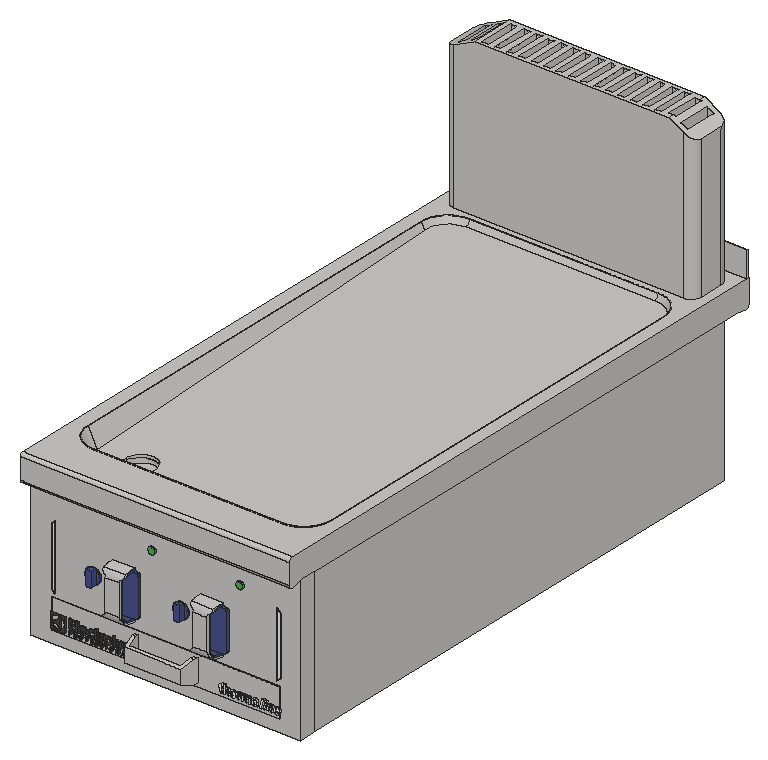
Revit family "QF_ELECTROLUXPROFESSIONAL_588532_MBHMBBDOPO", category Attrezzature speciali, Revit 2020
Family settings
  Quota connettore circolare = Usa diametro
  Tipo di parte = Normale
  Basato su piano di lavoro = No
  Sempre verticale = Sì
  Taglio con vuoti quando caricato = No
  Condiviso = No
  Punto di calcolo locali = No
Parameters (values of type "Standard")
  Weight = 69.00 kg
  Watts = 0 W
  Volts = 0 V
  URL Manufacturer = "https://www.electroluxprofessional.com/"
  URL = "https://www.electroluxprofessional.com/"
  Steam Supply Size = 0"
  Steam Supply Minimum Pressure = 0.00 psi
  Steam Supply Maximum Pressure = 0.00 psi
  Steam Consumption per Hour = 0
  Refrigeration Suction Line Size = 0 mm
  Refrigeration Liquid Line Size = 0 mm
  Refrigerant Compressor Remote = yes
  Prospetto di default = 0 mm
  Phase = 0
  Modello = "MBHMBBDOPO"
  Produttore = "Electrolux Professional"
  Length Actual = 400 mm  # constant formula
  Item Number = "588532"
  Hot Water Size = 0"
  Height Actual = 250 mm  # constant formula
  HP = "0 HP"
  Gas Size = 1/2"
  Gas KW = 10
  Gas Input Pressure = 0.336018 Btu/h
  Direct Waste Size = 0"
  Descrizione = "GAS FRYTOP,SMOOTH,1-S,BSPL,400X850X250H"
  Depth Actual = 850 mm  # constant formula
  Cycle = 0 Hz
  Condensate Return Size = 0"
  Compressed Air Volume = 0 GPM
  Compressed Air Size = 0"
  Compressed Air Pressure = 0.00 psi
  Cold Water Size = 0"
  Accessory = yes
Reference planes
  plane 1 "BACK": y = 0
  plane 2: z = 0
  plane 3 "LEFT": x = 0
  plane 4 "RIGHT": x = 400
  plane 5 "FRONT": y = -850
  plane 6 "TOP": z = 900
  plane 7 "Center (Left/Right)": x = 200
  plane 8: y = -425
  plane 9: y = -150
  plane 10: y = -65
  plane 11: y = -790
  plane 12 "GASy": y = -540
  plane 13: z = 938
  plane 14 "BaseTop": z = 650
  plane 15: y = -805
  plane 16 "Camino": y = -50
  plane 17 "GASx": x = 364
  plane 18: z = 1131
Forms (mm)
  Extrusion 1, solid, material "QF_Finishes_Stainless Steel"
    sketch origin (-178.969, -4572, 100) x (-1, 0, 0) y (0, -1, 0)
      loop
        line (-178.969, -4527) -> (-178.969, -3767) -> (-578.969, -3767) -> (-578.969, -4527) -> (-178.969, -4527)
    from 550 to 762.969
  Extrusion 2, solid, material "QF_Finishes_Stainless Steel"
    sketch origin (200, 296.4, 1219.2) x (0, 1, 0) y (0, 0, 1)
      loop
        line (-296.4, -319.2) -> (-1141.4, -319.2)
        arc (-1141.4, -319.2) -> (-1144.935, -320.664) -> (-1146.4, -324.2) r 5
        line (-1146.4, -324.2) -> (-1146.4, -355.2)
        arc (-1146.4, -355.2) -> (-1144.971, -358.264) -> (-1141.705, -359.139) r 4
        line (-1141.705, -359.139) -> (-1126.4, -356.231) -> (-316.4, -356.231) -> (-301.094, -359.139)
        arc (-301.094, -359.139) -> (-297.829, -358.264) -> (-296.4, -355.2) r 4
        line (-296.4, -355.2) -> (-296.4, -319.2)
    from -200 to 200
  Extrusion 3, void
    sketch origin (0, 0, 900) x (-1, 0, 0) y (0, -1, 0)
      loop
        arc (-60, 92) -> (-31.716, 103.716) -> (-20, 132) r 40
        line (-20, 132) -> (-20, 750)
        arc (-20, 750) -> (-31.716, 778.284) -> (-60, 790) r 40
        line (-60, 790) -> (-340, 790)
        arc (-340, 790) -> (-368.284, 778.284) -> (-380, 750) r 40
        line (-380, 750) -> (-380, 132)
        arc (-380, 132) -> (-368.284, 103.716) -> (-340, 92) r 40
        line (-340, 92) -> (-60, 92)
    from 0 to -30
  Extrusion 4, solid, material "QF_Finishes_Stainless Steel"
    sketch origin (200, 296.4, 1219.2) x (0, 1, 0) y (0, 0, 1)
      loop
        line (-296.4, -319.2) -> (-296.4, -281.2) -> (-298.4, -281.2) -> (-298.4, -319.2) -> (-296.4, -319.2)
    from 200 to -200
  Extrusion 5, solid, material "QF_Finishes_Stainless Steel"
    sketch origin (0, 0, 650) x (-1, 0, 0) y (0, -1, 0)
      loop
        circle (-364, 540) r 10.1
    from 0 to -10
  Sweep 6, solid, material "QF_Finishes_Stainless Steel"
    path origin (0, 0, 900) x (-1, 0, 0) y (0, -1, 0)
      loop
        line (-20, 132) -> (-20, 750)
        arc (-20, 750) -> (-31.716, 778.284) -> (-60, 790) r 40
        line (-60, 790) -> (-340, 790)
        arc (-340, 790) -> (-368.284, 778.284) -> (-380, 750) r 40
        line (-380, 750) -> (-380, 132)
        arc (-380, 132) -> (-368.284, 103.716) -> (-340, 92) r 40
        line (-340, 92) -> (-60, 92)
        arc (-60, 92) -> (-31.716, 103.716) -> (-20, 132) r 40
    profile origin (20, -441, 900) x (1, 0, 0) y (0, 0, 1)
      loop
        line (0, 0) -> (0, -30) -> (15, -30) -> (0, 0)
  Extrusion 7, solid, material "QF_Finishes_Stainless Steel"
    sketch origin (0, -50, 900) x (1, 0, 0) y (0, 0, 1)
      loop
        line (15, 0) -> (385, 0) -> (385, 209.869) -> (348.685, 231) -> (60.315, 231) -> (15, 209.869) -> (15, 0)
    from 33 to -33
  Extrusion 8, void
    sketch origin (0, 0, 900) x (-1, 0, 0) y (0, -1, 0)
      loop
        line (-30.312, 74) -> (-40.312, 74) -> (-40.312, 26) -> (-30.312, 26) -> (-30.312, 74)
      loop
        line (-48.547, 74) -> (-58.547, 74) -> (-58.547, 26) -> (-48.547, 26) -> (-48.547, 74)
      loop
        line (-76.781, 77) -> (-76.781, 23) -> (-66.781, 23) -> (-66.781, 77) -> (-76.781, 77)
      loop
        line (-95.015, 77) -> (-95.015, 23) -> (-85.015, 23) -> (-85.015, 77) -> (-95.015, 77)
      loop
        line (-113.25, 77) -> (-113.25, 23) -> (-103.25, 23) -> (-103.25, 77) -> (-113.25, 77)
      loop
        line (-131.484, 77) -> (-131.484, 23) -> (-121.484, 23) -> (-121.484, 77) -> (-131.484, 77)
      loop
        line (-149.719, 77) -> (-149.719, 23) -> (-139.719, 23) -> (-139.719, 77) -> (-149.719, 77)
      loop
        line (-167.953, 77) -> (-167.953, 23) -> (-157.953, 23) -> (-157.953, 77) -> (-167.953, 77)
      loop
        line (-186.187, 77) -> (-186.187, 23) -> (-176.187, 23) -> (-176.187, 77) -> (-186.187, 77)
      loop
        line (-205, 77) -> (-205, 23) -> (-195, 23) -> (-195, 77) -> (-205, 77)
      loop
        arc (-15, 32) -> (-19.393, 21.393) -> (-30, 17) r 15
        line (-30, 17) -> (-15, 17) -> (-15, 32)
      loop
        arc (-30, 83) -> (-19.393, 78.607) -> (-15, 68) r 15
        line (-15, 68) -> (-15, 83) -> (-30, 83)
      loop
        line (-369.688, 74) -> (-369.688, 26) -> (-359.688, 26) -> (-359.688, 74) -> (-369.688, 74)
      loop
        line (-351.453, 74) -> (-351.453, 26) -> (-341.453, 26) -> (-341.453, 74) -> (-351.453, 74)
      loop
        line (-323.219, 77) -> (-333.219, 77) -> (-333.219, 23) -> (-323.219, 23) -> (-323.219, 77)
      loop
        line (-304.985, 77) -> (-314.985, 77) -> (-314.985, 23) -> (-304.985, 23) -> (-304.985, 77)
      loop
        line (-286.75, 77) -> (-296.75, 77) -> (-296.75, 23) -> (-286.75, 23) -> (-286.75, 77)
      loop
        line (-268.516, 77) -> (-278.516, 77) -> (-278.516, 23) -> (-268.516, 23) -> (-268.516, 77)
      loop
        line (-250.281, 77) -> (-260.281, 77) -> (-260.281, 23) -> (-250.281, 23) -> (-250.281, 77)
      loop
        line (-232.047, 77) -> (-242.047, 77) -> (-242.047, 23) -> (-232.047, 23) -> (-232.047, 77)
      loop
        line (-213.813, 77) -> (-223.813, 77) -> (-223.813, 23) -> (-213.813, 23) -> (-213.813, 77)
      loop
        line (-385, 32) -> (-385, 17) -> (-370, 17)
        arc (-370, 17) -> (-380.607, 21.393) -> (-385, 32) r 15
      loop
        line (-370, 83) -> (-385, 83) -> (-385, 68)
        arc (-385, 68) -> (-380.607, 78.607) -> (-370, 83) r 15
    from 0 to 250
  Extrusion 9, solid, material "QF_Finishes_Stainless Steel"
    sketch origin (200, 296.4, 1219.2) x (0, 1, 0) y (0, 0, 1)
      loop
        line (-388.4, -349.2) -> (-388.4, -328.08) -> (-1086.4, -347.499) -> (-1086.4, -349.2) -> (-388.4, -349.2)
    from 180 to -180
  Extrusion 10, void
    sketch origin (0, 0, 900) x (-1, 0, 0) y (0, -1, 0)
      loop
        circle (-95, 746) r 22.248
    from -19.96 to -30
  Extrusion 11, void
    sketch origin (0, 0, 900) x (-1, 0, 0) y (0, -1, 0)
      loop
        circle (-95, 746) r 22.248
    from 0 to -37.031
Cuts and joins
  Extrusion 3, Extrusion 8, Extrusion 11 cuts Extrusion 2
  Extrusion 8 cuts Extrusion 7
  Extrusion 10 cuts Extrusion 9
  joined: Sweep 6, Extrusion 9
Lines and regions (mm)
  symbolic lines
    curve 1: line (0, 0, 100) -> (400, 0, 100)
    curve 2: line (0, -850, 100) -> (0, 0, 100)
    curve 3: line (400, -850, 100) -> (0, -850, 100)
    curve 4: line (400, 0, 100) -> (400, -850, 100)
    curve 5: line (0, -2, 0) -> (400, -2, 0)
    curve 6: line (338.029, -92, 0) -> (60.29, -92, 0)
    curve 7: line (60.29, -790, 0) -> (338.029, -790, 0)
    curve 8: line (60, -107, 900) -> (340, -107, 900)
    curve 9: line (340, -775, 900) -> (60, -775, 900)
    curve 10: arc (365, -750, 900) -> (357.678, -767.678, 900) -> (340, -775, 900) r 25
    curve 11: line (365, -132, 900) -> (365, -750, 900)
    curve 12: arc (340, -107, 900) -> (357.678, -114.322, 900) -> (365, -132, 900) r 25
    curve 13: circle (95, -746, 900) r 22.248 normal (0, 0, 1)
    curve 14: arc (85.5, -112.483, 900) -> (57.314, -124.096, 900) -> (45.5, -152.198, 900) r 39.994
    curve 15: line (85.5, -112.482, 900) -> (314.5, -112.482, 900)
    curve 16: line (45.5, -667.082, 900) -> (45.5, -152.198, 900)
    curve 17: arc (45.5, -667.082, 900) -> (57.314, -695.184, 900) -> (85.5, -706.797, 900) r 39.994
    curve 18: line (313.507, -706.798, 900) -> (85.5, -706.798, 900)
    curve 19: line (35.29, -708.526, 900) -> (365, -708.526, 900)
    curve 20: line (35.29, -718.526, 900) -> (365, -718.526, 900)
    curve 21: arc (60, -92, 900) -> (31.716, -103.716, 900) -> (20, -132, 900) r 40
    curve 22: line (20, -132, 900) -> (20, -750, 900)
    curve 23: arc (20, -750, 900) -> (31.716, -778.284, 900) -> (60, -790, 900) r 40
    curve 24: arc (340, -790, 900) -> (368.284, -778.284, 900) -> (380, -750, 900) r 40
    curve 25: line (380, -750, 900) -> (380, -132, 900)
    curve 26: arc (380, -132, 900) -> (368.284, -103.716, 900) -> (340, -92, 900) r 40
    curve 27: arc (313.5, -112.483, 900) -> (341.686, -124.096, 900) -> (353.5, -152.198, 900) r 39.994
    curve 28: line (353.5, -667.082, 900) -> (353.5, -152.198, 900)
    curve 29: arc (353.5, -667.082, 900) -> (341.688, -695.181, 900) -> (313.507, -706.797, 900) r 39.994
    curve 30: arc (60, -775, 900) -> (42.322, -767.678, 900) -> (35, -750, 900) r 25
    curve 31: line (35, -750, 900) -> (35, -132, 900)
    curve 32: arc (35, -132, 900) -> (42.322, -114.322, 900) -> (60, -107, 900) r 25
    curve 33: line (370, -17, 650) -> (30.102, -17, 650)
    curve 34: line (30.312, -74.008, 650) -> (40.312, -74.008, 650)
    curve 35: line (48.547, -74.008, 650) -> (58.547, -74.008, 650)
    curve 36: line (48.547, -26.022, 650) -> (48.547, -74.008, 650)
    curve 37: line (58.547, -26.022, 650) -> (48.547, -26.022, 650)
    curve 38: line (58.547, -74.008, 650) -> (58.547, -26.022, 650)
    curve 39: line (66.781, -23, 650) -> (66.781, -77.008, 650)
    curve 40: line (66.781, -23, 650) -> (76.781, -23, 650)
    curve 41: line (76.781, -23, 650) -> (76.781, -77.008, 650)
    curve 42: line (76.781, -77.008, 650) -> (66.781, -77.008, 650)
    curve 43: line (85.015, -23, 650) -> (85.015, -77.008, 650)
    curve 44: line (85.015, -23, 650) -> (95.015, -23, 650)
    curve 45: line (95.015, -23, 650) -> (95.015, -77.008, 650)
    curve 46: line (95.015, -77.008, 650) -> (85.015, -77.008, 650)
    curve 47: line (103.25, -23, 650) -> (103.25, -77.008, 650)
    curve 48: line (103.25, -23, 650) -> (113.25, -23, 650)
    curve 49: line (113.25, -23, 650) -> (113.25, -77.008, 650)
    curve 50: line (113.25, -77.008, 650) -> (103.25, -77.008, 650)
    curve 51: line (121.484, -23, 650) -> (121.484, -77.008, 650)
    curve 52: line (121.484, -23, 650) -> (131.484, -23, 650)
    curve 53: line (131.484, -23, 650) -> (131.484, -77.008, 650)
    curve 54: line (131.484, -77.008, 650) -> (121.484, -77.008, 650)
    curve 55: line (139.719, -23, 650) -> (139.719, -77.008, 650)
    curve 56: line (139.719, -23, 650) -> (149.719, -23, 650)
    curve 57: line (149.719, -23, 650) -> (149.719, -77.008, 650)
    curve 58: line (149.719, -77.008, 650) -> (139.719, -77.008, 650)
    curve 59: line (157.953, -23, 650) -> (157.953, -77.008, 650)
    curve 60: line (157.953, -23, 650) -> (167.953, -23, 650)
    curve 61: line (167.953, -23, 650) -> (167.953, -77.008, 650)
    curve 62: line (167.953, -77.008, 650) -> (157.953, -77.008, 650)
    curve 63: line (176.187, -23, 650) -> (176.187, -77.008, 650)
    curve 64: line (176.187, -23, 650) -> (186.187, -23, 650)
    curve 65: line (186.187, -23, 650) -> (186.187, -77.008, 650)
    curve 66: line (186.187, -77.008, 650) -> (176.187, -77.008, 650)
    curve 67: line (195, -23, 650) -> (195, -77.008, 650)
    curve 68: line (195, -23, 650) -> (205, -23, 650)
    curve 69: line (205, -23, 650) -> (205, -77.008, 650)
    curve 70: line (205, -77.008, 650) -> (195, -77.008, 650)
    curve 71: arc (15, -32, 900) -> (19.393, -21.393, 900) -> (30, -17, 900) r 15
    curve 72: line (15, -32, 900) -> (15, -68, 900)
    curve 73: arc (30, -83, 900) -> (19.393, -78.607, 900) -> (15, -68, 900) r 15
    curve 74: line (30, -83, 900) -> (370, -83, 900)
    curve 75: arc (385, -68, 900) -> (380.607, -78.607, 900) -> (370, -83, 900) r 15
    curve 76: line (385, -68, 900) -> (385, -32, 900)
    curve 77: arc (370, -17, 900) -> (380.607, -21.393, 900) -> (385, -32, 900) r 15
    curve 78: line (30.312, -26.022, 650) -> (30.312, -74.008, 650)
    curve 79: line (40.312, -26.022, 650) -> (30.312, -26.022, 650)
    curve 80: line (40.312, -74.008, 650) -> (40.312, -26.022, 650)
    curve 81: line (369.688, -74.008, 650) -> (359.688, -74.008, 650)
    curve 82: line (351.453, -74.008, 650) -> (341.453, -74.008, 650)
    curve 83: line (351.453, -26.022, 650) -> (351.453, -74.008, 650)
    curve 84: line (341.453, -26.022, 650) -> (351.453, -26.022, 650)
    curve 85: line (341.453, -74.008, 650) -> (341.453, -26.022, 650)
    curve 86: line (333.219, -23, 650) -> (333.219, -77.008, 650)
    curve 87: line (333.219, -23, 650) -> (323.219, -23, 650)
    curve 88: line (323.219, -23, 650) -> (323.219, -77.008, 650)
    curve 89: line (323.219, -77.008, 650) -> (333.219, -77.008, 650)
    curve 90: line (314.985, -23, 650) -> (314.985, -77.008, 650)
    curve 91: line (314.985, -23, 650) -> (304.985, -23, 650)
    curve 92: line (304.985, -23, 650) -> (304.985, -77.008, 650)
    curve 93: line (304.985, -77.008, 650) -> (314.985, -77.008, 650)
    curve 94: line (296.75, -23, 650) -> (296.75, -77.008, 650)
    curve 95: line (296.75, -23, 650) -> (286.75, -23, 650)
    curve 96: line (286.75, -23, 650) -> (286.75, -77.008, 650)
    curve 97: line (286.75, -77.008, 650) -> (296.75, -77.008, 650)
    curve 98: line (278.516, -23, 650) -> (278.516, -77.008, 650)
    curve 99: line (278.516, -23, 650) -> (268.516, -23, 650)
    curve 100: line (268.516, -23, 650) -> (268.516, -77.008, 650)
    curve 101: line (268.516, -77.008, 650) -> (278.516, -77.008, 650)
    curve 102: line (260.281, -23, 650) -> (260.281, -77.008, 650)
    curve 103: line (260.281, -23, 650) -> (250.281, -23, 650)
    curve 104: line (250.281, -23, 650) -> (250.281, -77.008, 650)
    curve 105: line (250.281, -77.008, 650) -> (260.281, -77.008, 650)
    curve 106: line (242.047, -23, 650) -> (242.047, -77.008, 650)
    curve 107: line (242.047, -23, 650) -> (232.047, -23, 650)
    curve 108: line (232.047, -23, 650) -> (232.047, -77.008, 650)
    curve 109: line (232.047, -77.008, 650) -> (242.047, -77.008, 650)
    curve 110: line (223.813, -23, 650) -> (223.813, -77.008, 650)
    curve 111: line (223.813, -23, 650) -> (213.813, -23, 650)
    curve 112: line (213.813, -23, 650) -> (213.813, -77.008, 650)
    curve 113: line (213.813, -77.008, 650) -> (223.813, -77.008, 650)
    curve 114: line (369.688, -26.022, 650) -> (369.688, -74.008, 650)
    curve 115: line (359.688, -26.022, 650) -> (369.688, -26.022, 650)
    curve 116: line (359.688, -74.008, 650) -> (359.688, -26.022, 650)
Dimensions and locks
  plane 3 "LEFT" to plane 4 "RIGHT" = 400 mm
  locked: plane 5 "FRONT" to plane 1 "BACK" at 850
  plane 3 "LEFT" to plane 7 "Center (Left/Right)" to plane 4 "RIGHT" = 200 mm, 200 mm
  equal spacing: plane 5 "FRONT", plane 8, plane 1 "BACK"
  plane 6 "TOP" to level = 900 mm  (x2)
  plane 1 "BACK" to plane 9 = 150 mm
  plane 12 "GASy" to plane 1 "BACK" = 540 mm
  plane 13 to plane 6 "TOP" = 38 mm
  plane 10 to plane 1 "BACK" = 65 mm
  plane 5 "FRONT" to plane 11 = 60 mm
  locked: plane 6 "TOP" to plane 14 "BaseTop" at 250
  locked: plane 15 to plane 5 "FRONT" at 45
  plane 16 "Camino" to plane 1 "BACK" = 50 mm
  plane 17 "GASx" to plane 4 "RIGHT" = 36 mm
  plane 18 to plane 6 "TOP" = 231 mm
  aligned and locked: level to plane 2
  aligned and locked: cut or joined group of Extrusion 2, Extrusion 3, Extrusion 8, Extrusion 11 to plane 3 "LEFT"
  aligned and locked: cut or joined group of Extrusion 2, Extrusion 3, Extrusion 8, Extrusion 11 to plane 4 "RIGHT"
  aligned and locked: nested 1 to plane 15
  aligned and locked: Extrusion 1 to plane 15
  aligned and locked: Extrusion 4 to plane 3 "LEFT"
  aligned and locked: Extrusion 4 to plane 4 "RIGHT"
  aligned and locked: plane 3 "LEFT" to nested 1
Automatic sketch dimensions
  curve 5 to plane 3 "LEFT" = 0 mm
  plane 11 to curve 7 = 0 mm
  curve 5 to plane 4 "RIGHT" = 0 mm
  plane 10 to curve 6 = 27 mm
  plane 3 "LEFT" to curve 6 = 60.29 mm
  plane 3 "LEFT" to curve 7 = 60.29 mm
  curve 6 to plane 17 "GASx" = 25.971 mm
  curve 7 to plane 17 "GASx" = 25.971 mm
  plane 1 "BACK" to curve 5 = 2 mm
  Extrusion 1 sketch curve to plane 4 "RIGHT" = 0 mm
  Extrusion 1 sketch curve to plane 3 "LEFT" = 0 mm
  Extrusion 1 sketch curve to plane 15 = 0 mm
  Extrusion 1 sketch curve to plane 16 "Camino" = 5 mm
  plane 1 "BACK" to curve 1 = 0 mm
  curve 1 to plane 4 "RIGHT" = 0 mm
  curve 3 to plane 3 "LEFT" = 0 mm
  plane 5 "FRONT" to curve 3 = 0 mm
  Extrusion 2 sketch curve to plane 5 "FRONT" = 0 mm
  Extrusion 2 sketch curve to plane 6 "TOP" = 0 mm
  Extrusion 2 sketch curve to plane 1 "BACK" = 0 mm
  Extrusion 2 sketch curve to Extrusion 2 sketch curve = 4 mm
  Extrusion 2 sketch curve to Extrusion 2 sketch curve = 0.695 mm
  Extrusion 2 sketch curve to plane 5 "FRONT" = 5 mm
  Extrusion 2 sketch curve to Extrusion 2 sketch curve = 15.305 mm
  plane 1 "BACK" to Extrusion 2 sketch curve = 20 mm
  plane 1 "BACK" to Extrusion 2 sketch curve = 4.695 mm
  plane 1 "BACK" to Extrusion 2 sketch curve = 4 mm
  Extrusion 2 sketch curve to Extrusion 2 sketch curve = 31 mm
  Extrusion 2 sketch curve to Extrusion 2 sketch curve = 36 mm
  Extrusion 2 sketch curve to Extrusion 2 sketch curve = 2.909 mm
  plane 11 to Extrusion 3 sketch curve = 0 mm
  plane 17 "GASx" to Extrusion 3 sketch curve = 16 mm
  Extrusion 3 sketch curve to plane 17 "GASx" = 24 mm  (x2)
  plane 3 "LEFT" to Extrusion 3 sketch curve = 60 mm  (x2)
  plane 9 to Extrusion 3 sketch curve = 18 mm
  plane 3 "LEFT" to Extrusion 3 sketch curve = 20 mm
  curve 10 to curve 24 = 0 mm  (x2)
  curve 12 to curve 26 = 0 mm  (x2)
  curve 21 to curve 32 = 0 mm  (x2)
  curve 23 to curve 30 = 0 mm  (x2)
  plane 11 to curve 24 = 0 mm
  plane 11 to curve 23 = 0 mm
  plane 4 "RIGHT" to curve 76 = 15 mm
  plane 17 "GASx" to curve 25 = 16 mm
  plane 17 "GASx" to curve 77 = 6 mm
  plane 10 to curve 75 = 3 mm
  plane 17 "GASx" to curve 75 = 6 mm
  plane 17 "GASx" to curve 11 = 1 mm
  curve 28 to plane 9 = 2.198 mm
  curve 28 to plane 17 "GASx" = 10.5 mm
  curve 10 to plane 17 "GASx" = 24 mm
  plane 9 to curve 26 = 18 mm
  curve 26 to plane 17 "GASx" = 24 mm
  curve 28 to curve 29 = 39.993 mm
  curve 27 to plane 9 = 2.477 mm
  curve 12 to curve 27 = 26.493 mm
  curve 13 to plane 11 = 44 mm
  plane 3 "LEFT" to curve 13 = 95 mm
  curve 14 to plane 9 = 2.477 mm
  plane 3 "LEFT" to curve 14 = 85.493 mm
  curve 17 to plane 12 "GASy" = 126.803 mm
  plane 3 "LEFT" to curve 17 = 85.493 mm
  curve 14 to curve 21 = 25.493 mm
  curve 13 to curve 23 = 35 mm
  curve 17 to curve 16 = 39.993 mm
  plane 9 to curve 31 = 18 mm
  plane 10 to curve 73 = 3 mm
  plane 3 "LEFT" to curve 73 = 30 mm
  curve 71 to curve 72 = 15 mm
  curve 71 to plane 16 "Camino" = 18 mm
  curve 76 to plane 16 "Camino" = 18 mm
  curve 16 to plane 9 = 2.198 mm
  curve 29 to plane 12 "GASy" = 126.803 mm
  curve 16 to plane 12 "GASy" = 127.082 mm
  curve 28 to plane 12 "GASy" = 127.082 mm
  curve 8 to curve 15 = 25.5 mm
  curve 18 to curve 29 = 0 mm
  curve 15 to curve 27 = 1 mm
  curve 18 to curve 17 = 0.007 mm
  curve 15 to curve 32 = 25.5 mm
  curve 15 to curve 14 = 0 mm
  curve 18 to curve 17 = 0 mm
  plane 3 "LEFT" to curve 19 = 35.29 mm
  curve 20 to curve 19 = 0 mm
  curve 15 to curve 27 = 0.001 mm
  curve 29 to curve 18 = 0.001 mm
  curve 19 to curve 30 = 41.474 mm
  curve 19 to curve 20 = 10 mm
  Extrusion 4 sketch curve to plane 6 "TOP" = 0 mm
  Extrusion 4 sketch curve to plane 13 = 0 mm
  Extrusion 4 sketch curve to plane 1 "BACK" = 0 mm
  Extrusion 4 sketch curve to Extrusion 4 sketch curve = 2 mm
  Extrusion 5 sketch curve to plane 12 "GASy" = 0 mm
  Extrusion 5 sketch curve to plane 17 "GASx" = 0 mm
  plane 11 to Sweep 6 sketch curve = 0 mm
  plane 17 "GASx" to Sweep 6 sketch curve = 16 mm
  Sweep 6 sketch curve to plane 17 "GASx" = 24 mm  (x2)
  plane 3 "LEFT" to Sweep 6 sketch curve = 60 mm  (x2)
  plane 10 to Sweep 6 sketch curve = 27 mm
  plane 3 "LEFT" to Sweep 6 sketch curve = 20 mm
  profile plane to Sweep 6 sketch curve = 0 mm
  Sweep 6 sketch curve to plane 6 "TOP" = 0 mm
  Sweep 6 sketch curve to profile plane = 15 mm
  Sweep 6 sketch curve to plane 6 "TOP" = 30 mm
  Extrusion 7 sketch curve to plane 6 "TOP" = 0 mm
  Extrusion 7 sketch curve to plane 18 = 0 mm
  plane 3 "LEFT" to Extrusion 7 sketch curve = 15 mm
  Extrusion 7 sketch curve to Extrusion 7 sketch curve = 45.315 mm
  Extrusion 7 sketch curve to plane 17 "GASx" = 15.315 mm
  plane 4 "RIGHT" to Extrusion 7 sketch curve = 15 mm
  Extrusion 7 sketch curve to plane 18 = 21.131 mm  (x2)
  plane 17 "GASx" to curve 115 = 5.688 mm
  curve 81 to plane 17 "GASx" = 4.312 mm
  curve 115 to curve 84 = 8.234 mm
  curve 83 to curve 84 = 10 mm
  curve 84 to curve 86 = 8.234 mm
  curve 86 to curve 88 = 10 mm
  curve 88 to curve 90 = 8.234 mm
  curve 90 to curve 92 = 10 mm
  curve 92 to curve 94 = 8.234 mm
  curve 94 to curve 95 = 10 mm
  curve 96 to curve 98 = 8.234 mm
  curve 98 to curve 100 = 10 mm
  curve 99 to curve 102 = 8.234 mm
  curve 102 to curve 104 = 10 mm
  curve 104 to curve 106 = 8.234 mm
  curve 106 to curve 108 = 10 mm
  curve 108 to curve 110 = 8.234 mm
  curve 110 to curve 112 = 10 mm
  plane 7 "Center (Left/Right)" to curve 70 = 5 mm
  curve 67 to plane 7 "Center (Left/Right)" = 5 mm
  curve 67 to curve 65 = 8.813 mm
  curve 64 to curve 63 = 10 mm
  curve 63 to curve 62 = 8.234 mm
  curve 61 to curve 62 = 10 mm
  curve 59 to curve 57 = 8.234 mm
  curve 57 to curve 58 = 10 mm
  curve 55 to curve 52 = 8.234 mm
  curve 52 to curve 51 = 10 mm
  curve 51 to curve 49 = 8.234 mm
  curve 48 to curve 48 = 10 mm
  curve 47 to curve 45 = 8.234 mm
  curve 45 to curve 46 = 10 mm
  curve 43 to curve 41 = 8.234 mm
  curve 41 to curve 42 = 10 mm
  curve 39 to curve 38 = 8.234 mm
  curve 35 to curve 36 = 10 mm
  curve 36 to curve 79 = 8.234 mm
  curve 79 to curve 78 = 10 mm
  plane 1 "BACK" to curve 68 = 23 mm
  curve 68 to curve 112 = 0 mm
  curve 65 to curve 67 = 0 mm  (x2)
  plane 1 "BACK" to curve 86 = 23 mm
  plane 1 "BACK" to curve 39 = 23 mm
  curve 110 to curve 108 = 0 mm  (x2)
  curve 40 to curve 43 = 0 mm
  curve 106 to curve 104 = 0 mm  (x2)
  curve 44 to curve 47 = 0 mm
  curve 102 to curve 100 = 0 mm  (x2)
  curve 48 to curve 51 = 0 mm
  curve 98 to curve 96 = 0 mm  (x2)
  curve 52 to curve 55 = 0 mm
  curve 94 to curve 92 = 0 mm  (x2)
  curve 56 to curve 59 = 0 mm
  curve 39 to curve 37 = 3.022 mm
  curve 86 to curve 85 = 3.022 mm
  curve 83 to curve 114 = 0 mm
  curve 80 to curve 36 = 0 mm
  plane 10 to curve 78 = 9.008 mm
  plane 10 to curve 81 = 9.008 mm
  curve 82 to curve 81 = 0 mm
  curve 34 to curve 35 = 0 mm
  plane 10 to curve 62 = 12.008 mm
  plane 10 to curve 88 = 12.008 mm
  curve 90 to curve 88 = 0 mm
  plane 10 to curve 58 = 12.008 mm
  plane 10 to curve 54 = 12.008 mm
  plane 10 to curve 50 = 12.008 mm
  plane 10 to curve 46 = 12.008 mm
  curve 35 to curve 42 = 3 mm
  curve 61 to curve 63 = 0 mm
  plane 17 "GASx" to curve 33 = 6 mm
  curve 78 to curve 33 = 0.21 mm
  curve 33 to curve 114 = 9.022 mm
  plane 4 "RIGHT" to Extrusion 8 sketch curve = 15 mm  (x2)
  plane 10 to Extrusion 8 sketch curve = 3 mm  (x2)
  plane 17 "GASx" to Extrusion 8 sketch curve = 6 mm  (x2)
  plane 17 "GASx" to Extrusion 8 sketch curve = 5.688 mm
  Extrusion 8 sketch curve to plane 17 "GASx" = 4.312 mm
  Extrusion 8 sketch curve to Extrusion 8 sketch curve = 8.234 mm  (x16)
  Extrusion 8 sketch curve to Extrusion 8 sketch curve = 10 mm  (x17)
  plane 7 "Center (Left/Right)" to Extrusion 8 sketch curve = 5 mm
  Extrusion 8 sketch curve to plane 7 "Center (Left/Right)" = 5 mm
  Extrusion 8 sketch curve to Extrusion 8 sketch curve = 8.813 mm
  Extrusion 8 sketch curve to Extrusion 8 sketch curve = 0.312 mm  (x2)
  plane 3 "LEFT" to Extrusion 8 sketch curve = 15 mm  (x2)
  Extrusion 8 sketch curve to plane 16 "Camino" = 18 mm  (x2)
  Extrusion 8 sketch curve to Extrusion 8 sketch curve = 6 mm  (x4)
  Extrusion 8 sketch curve to Extrusion 8 sketch curve = 0 mm  (x21)
  plane 1 "BACK" to Extrusion 8 sketch curve = 23 mm  (x3)
  plane 10 to Extrusion 8 sketch curve = 9 mm
  plane 10 to Extrusion 8 sketch curve = 12 mm  (x8)
  Extrusion 8 sketch curve to Extrusion 8 sketch curve = 3 mm
  Extrusion 10 sketch curve to plane 11 = 44 mm
  plane 3 "LEFT" to Extrusion 10 sketch curve = 95 mm
  Extrusion 11 sketch curve to plane 11 = 44 mm
  plane 3 "LEFT" to Extrusion 11 sketch curve = 95 mm
  Extrusion 9 sketch curve to plane 11 = 0 mm
  plane 10 to Extrusion 9 sketch curve = 27 mm
  Extrusion 9 sketch curve to plane 6 "TOP" = 30 mm
  Extrusion 9 sketch curve to plane 6 "TOP" = 8.88 mm
  Extrusion 9 sketch curve to Extrusion 9 sketch curve = 1.701 mm
  radius of curve 13 = 22.248 mm
  radius of Extrusion 5 sketch curve = 10.1 mm
  radius of Extrusion 10 sketch curve = 22.248 mm
  radius of Extrusion 11 sketch curve = 22.248 mm
Nested families
  nested 1: "Front_Panel_W400_Two Knobs_2Spie_Manop" at (52.376, -805, 0), type "Front_Panel_W400_Two Knobs_2Spie_Manop"
Connectors
  piping at (364, -540, 640), diameter 12.7
    settings: on Extrusion 5, index 1, connector inside diameter 24", connector length 0 mm, flow factor 0, pipe flow 0 GPM, pressure drop 0.00 psi, fitting loss kfactor 0, connector angle 0.00°, fixture units 0, engagement length 0 mm, angle of deflection 0.00°, flow configuration 1, flow direction 1, fitting loss method 0, system type 7, joint type 0, gender type 0, connector reference index -1, connector utility 0, adjustable connector no, is connector primary yes, connector description "Gas connection"
Definition of nested family "Front_Panel_W400_Two Knobs_2Spie_Manop"
  Parameters
    Default Elevation = 0 mm
  Reference planes
    plane 1 "Center (Front/Back)": y = 0
    plane 2: z = 0
    plane 3 "Center (Left/Right)": x = 147.624
    plane 4 "Left": x = -52.376
    plane 5 "Right": x = 347.624
    plane 6: y = -45
    plane 7: x = 107.624
    plane 8: y = -310
    plane 9 "Panel": y = -25
    plane 10: x = 317.624
    plane 11: x = -22.376
  Forms (mm)
    Extrusion 1, solid
      sketch origin (833.217, 829.203, -1.25) x (0, 1, 0) y (0, 0, 1)
        loop
          line (-854.203, 651.25) -> (-829.203, 651.25) -> (-829.203, 864.25) -> (-854.203, 864.25) -> (-854.203, 651.25)
      from -885.593 to -485.593
    Extrusion 2, void
      sketch origin (0, -25, -10) x (0, 0, 1) y (-1, 0, 0)
        loop
          line (731.866, -317.624) -> (818.866, -317.624) -> (823.866, -312.624) -> (726.866, -312.624) -> (731.866, -317.624)
        loop
          line (731.866, 22.376) -> (726.866, 17.376) -> (823.866, 17.376) -> (818.866, 22.376) -> (731.866, 22.376)
      from 0 to -2
    Extrusion 3, void
      sketch origin (0, 0, 0) x (1, 0, 0) y (0, 0, 1)
        loop
          line (-22.376, 711.866) -> (-22.376, 666.866) -> (317.624, 666.866) -> (317.624, 711.866) -> (-22.376, 711.866)
      from 19.387 to 25
    Extrusion 4, solid
      sketch origin (0, 0, 0) x (1, 0, 0) y (0, 0, 1)
        loop
          line (-21.376, 710.866) -> (-21.376, 667.866) -> (316.624, 667.866) -> (316.624, 710.866) -> (-21.376, 710.866)
      from 19.387 to 25
    Extrusion 5, solid
      sketch origin (0, 0, 0) x (1, 0, 0) y (0, 1, 0)
        loop
          line (106.059, -25) -> (100.966, -25) -> (105.646, -49.075) -> (189.603, -49.075) -> (194.283, -25) -> (189.189, -25) -> (185.481, -44.075) -> (109.767, -44.075) -> (106.059, -25)
      from 672.593 to 705.67
    Extrusion 6, void
      sketch origin (147.624, 0, 0) x (0, 1, 0) y (0, 0, 1)
        loop
          line (-30, 705.67) -> (-30, 710.67) -> (-56.744, 710.67) -> (-56.744, 667.593) -> (-30, 667.593) -> (-30, 672.593) -> (-53.776, 680.318) -> (-53.776, 697.945) -> (-30, 705.67)
      from -50 to 50
    Extrusion 7, solid, detail levels coarse
      sketch origin (0, -265, 0) x (1, 0, 0) y (0, 1, 0)
        loop
          line (106.164, -71.744) -> (189.084, -71.744) -> (194.283, -45) -> (316.624, -45) -> (316.624, 240) -> (-21.376, 240) -> (-21.376, -45) -> (100.966, -45) -> (106.164, -71.744)
      from 672.593 to 705.67
    Extrusion 8, void
      sketch origin (147.624, -280, 0) x (0, 1, 0) y (0, 0, 1)
        loop
          line (-30, 705.67) -> (-30, 710.67) -> (-56.744, 710.67) -> (-56.744, 667.593) -> (-30, 667.593) -> (-30, 672.593) -> (-53.776, 680.318) -> (-53.776, 697.945) -> (-30, 705.67)
      from -50 to 50
    Extrusion 9, solid
      sketch origin (160, -25, 1.163) x (0, 0, 1) y (-1, 0, 0)
        loop
          circle (824.337, 32.376) r 5
      from 0 to 1.7
    Extrusion 10, solid
      sketch origin (0, -25, -10) x (0, 0, 1) y (-1, 0, 0)
        loop
          line (726.866, -312.624) -> (731.866, -317.624) -> (818.866, -317.624) -> (823.866, -312.624) -> (726.866, -312.624)
        loop
          line (726.866, 17.376) -> (823.866, 17.376) -> (818.866, 22.376) -> (731.866, 22.376) -> (726.866, 17.376)
      from 0 to -2
    Extrusion 11, solid
      sketch origin (290.724, -25, 1.163) x (0, 0, 1) y (-1, 0, 0)
        loop
          circle (824.337, 32.376) r 5
      from 0 to 1.7
    Extrusion 12, solid
      sketch origin (0, -25, 0) x (0, 0, 1) y (-1, 0, 0)
        loop
          circle (761.979, -41.048) r 11.5
      from 1.492 to 2.716
    Extrusion 13, solid
      sketch origin (0.059, -25, 0.001) x (0, 0, 1) y (-1, 0, 0)
        loop
          circle (761.978, -40.989) r 8.098
      from 0 to 1.492
    Extrusion 14, solid
      sketch origin (0, -25, 0) x (0, 0, 1) y (-1, 0, 0)
        loop
          arc (772.562, -45.548) -> (773.479, -41.048) -> (772.562, -36.548) r 11.5
          line (772.562, -36.548) -> (751.396, -36.548)
          arc (751.396, -36.548) -> (750.479, -41.048) -> (751.396, -45.548) r 11.5
          line (751.396, -45.548) -> (772.562, -45.548)
      from 1.492 to 10
    Extrusion 15, solid
      sketch origin (0, -25, 0) x (0, 0, 1) y (-1, 0, 0)
        loop
          circle (761.979, -171.771) r 11.5
      from 1.492 to 2.716
    Extrusion 16, solid
      sketch origin (130.782, -25, 0.001) x (0, 0, 1) y (-1, 0, 0)
        loop
          circle (761.978, -40.989) r 8.098
      from 0 to 1.492
    Extrusion 17, solid
      sketch origin (0, -25, 0) x (0, 0, 1) y (-1, 0, 0)
        loop
          arc (772.562, -176.271) -> (773.479, -171.771) -> (772.562, -167.271) r 11.5
          line (772.562, -167.271) -> (751.396, -167.271)
          arc (751.396, -167.271) -> (750.479, -171.771) -> (751.396, -176.271) r 11.5
          line (751.396, -176.271) -> (772.562, -176.271)
      from 1.492 to 10
  Cuts and joins
    Extrusion 2, Extrusion 3 cuts Extrusion 1
    Extrusion 6, Extrusion 8 cuts Extrusion 5
    Extrusion 8 cuts Extrusion 7
  Lines and regions (mm)
    symbolic lines
      curve 1: line (31.124, -45, 0) -> (31.124, -310, 0)
      curve 2: line (31.124, -310, 0) -> (269.124, -310, 0)
      curve 3: line (100.966, -310, 0) -> (105.646, -334.075, 0)
      curve 4: line (105.646, -334.075, 0) -> (189.603, -334.075, 0)
      curve 5: line (189.603, -334.075, 0) -> (194.283, -310, 0)
      curve 6: line (269.124, -310, 0) -> (269.124, -45, 0)
      curve 7: line (31.124, -300, 0) -> (269.124, -300, 0)
      curve 8: line (106.059, -310, 0) -> (109.767, -329.075, 0)
      curve 9: line (109.767, -329.075, 0) -> (185.481, -329.075, 0)
      curve 10: line (185.481, -329.075, 0) -> (189.189, -310, 0)
  Dimensions and locks
    equal spacing: plane 5 "Right", plane 3 "Center (Left/Right)", plane 4 "Left"
    plane 5 "Right" to plane 4 "Left" = 400 mm
    plane 3 "Center (Left/Right)" to plane 7 = 40 mm
    plane 6 to plane 8 = 265 mm
    plane 11 to plane 4 "Left" = 30 mm
    plane 5 "Right" to plane 10 = 30 mm
    aligned and locked: cut or joined group of Extrusion 1, Extrusion 2, Extrusion 3 to plane 4 "Left"
    aligned and locked: plane 5 "Right" to cut or joined group of Extrusion 1, Extrusion 2, Extrusion 3
  Automatic sketch dimensions
    plane 6 to curve 1 = 0 mm
    curve 1 to plane 8 = 0 mm
    plane 6 to curve 6 = 0 mm
    plane 11 to curve 1 = 53.5 mm
    curve 3 to plane 7 = 1.979 mm
    plane 7 to curve 8 = 2.143 mm
    plane 3 "Center (Left/Right)" to curve 10 = 37.857 mm
    curve 9 to curve 5 = 4.122 mm
    curve 2 to plane 10 = 48.5 mm
    curve 9 to plane 8 = 19.075 mm
    curve 5 to curve 9 = 5 mm
    curve 3 to plane 7 = 6.658 mm
    curve 8 to plane 7 = 1.565 mm
    curve 9 to curve 10 = 3.708 mm
    curve 10 to curve 5 = 5.094 mm
    plane 8 to curve 7 = 10 mm
    Extrusion 1 sketch curve to plane 9 "Panel" = 0 mm
    Extrusion 1 sketch curve to plane 1 "Center (Front/Back)" = 0 mm
    level to Extrusion 1 sketch curve = 650 mm
    Extrusion 1 sketch curve to Extrusion 1 sketch curve = 213 mm
    Extrusion 2 sketch curve to plane 10 = 0 mm
    Extrusion 2 sketch curve to plane 11 = 0 mm
    plane 11 to Extrusion 2 sketch curve = 5 mm
    level to Extrusion 2 sketch curve = 716.866 mm
    Extrusion 2 sketch curve to plane 10 = 5 mm
    Extrusion 2 sketch curve to Extrusion 2 sketch curve = 0 mm
    Extrusion 2 sketch curve to Extrusion 2 sketch curve = 5 mm  (x4)
    Extrusion 2 sketch curve to Extrusion 2 sketch curve = 87 mm  (x2)
    Extrusion 3 sketch curve to plane 11 = 0 mm
    Extrusion 3 sketch curve to plane 10 = 0 mm
    level to Extrusion 3 sketch curve = 666.866 mm
    Extrusion 3 sketch curve to Extrusion 3 sketch curve = 45 mm
    plane 11 to Extrusion 4 sketch curve = 1 mm
    Extrusion 4 sketch curve to plane 10 = 1 mm
    level to Extrusion 4 sketch curve = 667.866 mm
    Extrusion 4 sketch curve to Extrusion 4 sketch curve = 43 mm
    plane 9 "Panel" to Extrusion 5 sketch curve = 0 mm  (x2)
    Extrusion 5 sketch curve to plane 7 = 6.658 mm
    Extrusion 5 sketch curve to plane 7 = 1.979 mm
    Extrusion 5 sketch curve to plane 7 = 1.565 mm
    Extrusion 5 sketch curve to plane 6 = 0.925 mm
    plane 7 to Extrusion 5 sketch curve = 2.143 mm
    plane 3 "Center (Left/Right)" to Extrusion 5 sketch curve = 37.857 mm
    Extrusion 5 sketch curve to Extrusion 5 sketch curve = 3.708 mm
    Extrusion 5 sketch curve to Extrusion 5 sketch curve = 4.122 mm
    Extrusion 5 sketch curve to Extrusion 5 sketch curve = 5.094 mm
    plane 6 to Extrusion 5 sketch curve = 4.075 mm
    plane 6 to Extrusion 6 sketch curve = 11.744 mm
    plane 6 to Extrusion 6 sketch curve = 8.776 mm
    plane 9 "Panel" to Extrusion 6 sketch curve = 5 mm  (x2)
    level to Extrusion 6 sketch curve = 667.593 mm
    Extrusion 6 sketch curve to Extrusion 6 sketch curve = 5 mm
    Extrusion 6 sketch curve to Extrusion 6 sketch curve = 12.725 mm  (x2)
    Extrusion 6 sketch curve to Extrusion 6 sketch curve = 17.627 mm
    Extrusion 6 sketch curve to Extrusion 6 sketch curve = 7.725 mm
    plane 9 "Panel" to Extrusion 7 sketch curve = 0 mm
    Extrusion 7 sketch curve to plane 8 = 0 mm  (x2)
    plane 11 to Extrusion 7 sketch curve = 1 mm
    Extrusion 7 sketch curve to plane 7 = 6.658 mm
    Extrusion 7 sketch curve to plane 7 = 1.46 mm
    plane 3 "Center (Left/Right)" to Extrusion 7 sketch curve = 41.46 mm
    Extrusion 7 sketch curve to Extrusion 7 sketch curve = 5.199 mm
    Extrusion 7 sketch curve to plane 10 = 1 mm
    Extrusion 7 sketch curve to plane 8 = 26.744 mm
    Extrusion 8 sketch curve to plane 8 = 0 mm  (x2)
    Extrusion 8 sketch curve to plane 8 = 23.776 mm
    Extrusion 8 sketch curve to Extrusion 8 sketch curve = 2.968 mm
    level to Extrusion 8 sketch curve = 667.593 mm
    Extrusion 8 sketch curve to Extrusion 8 sketch curve = 5 mm
    Extrusion 8 sketch curve to Extrusion 8 sketch curve = 12.725 mm  (x2)
    Extrusion 8 sketch curve to Extrusion 8 sketch curve = 17.627 mm
    Extrusion 8 sketch curve to Extrusion 8 sketch curve = 7.725 mm
    Extrusion 9 sketch curve to plane 3 "Center (Left/Right)" = 20 mm
    level to Extrusion 9 sketch curve = 825.5 mm
    Extrusion 10 sketch curve to plane 10 = 0 mm
    Extrusion 10 sketch curve to plane 11 = 0 mm
    Extrusion 10 sketch curve to plane 10 = 5 mm
    level to Extrusion 10 sketch curve = 716.866 mm
    plane 11 to Extrusion 10 sketch curve = 5 mm
    Extrusion 10 sketch curve to Extrusion 10 sketch curve = 0 mm
    Extrusion 10 sketch curve to Extrusion 10 sketch curve = 5 mm  (x4)
    Extrusion 10 sketch curve to Extrusion 10 sketch curve = 87 mm  (x2)
    Extrusion 11 sketch curve to plane 10 = 59.276 mm
    level to Extrusion 11 sketch curve = 825.5 mm
    plane 11 to Extrusion 13 sketch curve = 63.424 mm
    level to Extrusion 13 sketch curve = 761.979 mm
    plane 3 "Center (Left/Right)" to Extrusion 16 sketch curve = 24.147 mm
    level to Extrusion 16 sketch curve = 761.979 mm
    plane 11 to Extrusion 12 sketch curve = 63.424 mm
    level to Extrusion 12 sketch curve = 761.979 mm
    Extrusion 14 sketch curve to Extrusion 14 sketch curve = 0 mm  (x3)
    plane 11 to Extrusion 14 sketch curve = 58.924 mm
    level to Extrusion 14 sketch curve = 751.396 mm
    Extrusion 14 sketch curve to Extrusion 14 sketch curve = 10.583 mm  (x2)
    Extrusion 14 sketch curve to Extrusion 14 sketch curve = 4.5 mm
    plane 3 "Center (Left/Right)" to Extrusion 15 sketch curve = 24.147 mm
    level to Extrusion 15 sketch curve = 761.979 mm
    Extrusion 17 sketch curve to Extrusion 17 sketch curve = 0 mm  (x3)
    plane 3 "Center (Left/Right)" to Extrusion 17 sketch curve = 19.647 mm
    level to Extrusion 17 sketch curve = 751.396 mm
    Extrusion 17 sketch curve to Extrusion 17 sketch curve = 10.583 mm  (x2)
    Extrusion 17 sketch curve to Extrusion 17 sketch curve = 4.5 mm
    radius of Extrusion 9 sketch curve = 5 mm
    radius of Extrusion 11 sketch curve = 5 mm
    radius of Extrusion 13 sketch curve = 8.098 mm
    radius of Extrusion 16 sketch curve = 8.098 mm
    radius of Extrusion 12 sketch curve = 11.5 mm
    radius of Extrusion 15 sketch curve = 11.5 mm
  Nested families
    nested 1: "Range Control Handle" at (87.624, -28.137, -209.113) x (-1, 0, 0) z (0, 0, 1), type "Range Control Handle"
    nested 2: "Range Control Handle" at (217.624, -28.137, -209.113), type "Range Control Handle"
    nested 3: "ELX_ThermaLine_Small" at (269.031, -25, 679.342) x (1, 0, 0) z (0, -1, 0), type "ELX_ThermaLine_Small"
      with Show Logo yes, Material_Logo none
    nested 4: "ELX_Professional_Logo_Small" at (37.11, -25, 681.575) x (1, 0, 0) z (0, -1, 0), type "ELX_Professional_Logo_Small"
      with Show Logo yes, Material_Logo none
  Definition of nested family "Range Control Handle"
    Parameters
      Default Elevation = 0 mm
    Reference planes
      plane 1 "Center (Front/Back)": y = 0
      plane 2: z = 0
      plane 3 "Center (Left/Right)": x = 0
      plane 4: z = 971.092
      plane 5: y = -16.9
    Forms (mm)
      Extrusion 1, solid
        sketch origin (-746.28, 380.497, 208.931) x (-1, 0, 0) y (0, 0, 1)
          loop
            line (-770.101, 786.798) -> (-770.101, 731.649)
            arc (-770.101, 731.649) -> (-769.759, 730.563) -> (-768.855, 729.87) r 1.893
            line (-768.855, 729.87) -> (-763.474, 727.911) -> (-729.81, 727.911) -> (-724.428, 729.87)
            arc (-724.428, 729.87) -> (-723.525, 730.563) -> (-723.183, 731.649) r 1.893
            line (-723.183, 731.649) -> (-723.183, 786.798)
            arc (-723.183, 786.798) -> (-723.529, 787.894) -> (-724.44, 788.593) r 1.91
            line (-724.44, 788.593) -> (-729.683, 790.819) -> (-763.601, 790.819) -> (-768.844, 788.593)
            arc (-768.844, 788.593) -> (-769.755, 787.894) -> (-770.101, 786.798) r 1.91
        from -382.35 to -378.852
      Sweep 2, solid
        path origin (-746.788, 380.496, 208.091) x (0, -1, 0) y (0, 0, 1)
          loop
            line (379.775, 793.281) -> (395.661, 791.048)
            arc (395.661, 791.048) -> (397.781, 787.377) -> (398.517, 783.202) r 12.207
            line (398.517, 783.202) -> (398.517, 737.368)
            arc (398.517, 737.368) -> (397.781, 733.193) -> (395.661, 729.522) r 12.207
            line (395.661, 729.522) -> (379.775, 727.289)
        profile origin (-746.788, -7.222, 1000.256) x (0, -0.139173, 0.990268) y (-1, 0, 0)
          loop
            line (0.782, -763.123) -> (0.782, -730.907) -> (-1.322, -730.907) -> (-1.322, -763.123) -> (0.782, -763.123)
      Sweep 3, solid
        path origin (-746.788, 380.715, 207.832) x (0, -1, 0) y (0, 0, 1)
          loop
            line (380.478, 795.442) -> (397.218, 793.09)
            arc (397.218, 793.09) -> (399.929, 788.473) -> (400.871, 783.202) r 15.207
            line (400.871, 783.202) -> (400.871, 737.584)
            arc (400.871, 737.584) -> (399.914, 732.274) -> (397.164, 727.633) r 15.207
            line (397.164, 727.633) -> (380.601, 725.305)
        profile origin (-746.788, -8.132, 1002.099) x (0, -0.139173, 0.990268) y (-1, 0, 0)
          loop
            line (0.782, -763.123) -> (0.782, -730.907) -> (-1.322, -730.907) -> (-1.322, -763.123) -> (0.782, -763.123)
      Extrusion 4, void
        sketch origin (889.253, 220.666, 207.993) x (1, 0, 0) y (0, 0, 1)
          loop
            line (-943.038, 816.854) -> (-943.038, 703.686) -> (-899.466, 734.196) -> (-899.466, 786.344) -> (-943.038, 816.854)
        from 230.636 to 242.25
      Extrusion 5, void
        sketch origin (-888.8, 220.666, 207.993) x (-1, 0, 0) y (0, 0, -1)
          loop
            line (-943.038, -816.854) -> (-899.466, -786.344) -> (-899.466, -734.196) -> (-943.038, -703.686) -> (-943.038, -816.854)
        from 230.636 to 242.25
      Extrusion 6, solid
        sketch origin (0, 0, 0) x (1, 0, 0) y (0, 0, 1)
          loop
            circle (0, 971.092) r 7.736
        from -3.137 to -1.645
    Cuts and joins
      Extrusion 4, Extrusion 5 cuts Sweep 3
      Extrusion 4, Extrusion 5 cuts Sweep 2
      joined: Extrusion 1, Extrusion 6
    Lines and regions (mm)
      symbolic lines
        curve 1: line (16.334, -16.9, 0) -> (16.334, -19.227, 0)
        curve 2: spline (16.334, -19.227, 0) -> (15.87, -19.385, 0) -> (15.404, -19.536, 0) -> (14.936, -19.678, 0) -> (14.466, -19.813, 0) -> (13.995, -19.94, 0) -> (13.523, -20.059, 0) -> (13.049, -20.171, 0) -> (12.575, -20.274, 0) -> (12.099, -20.37, 0) -> (11.622, -20.458, 0) -> (11.144, -20.537, 0) -> (10.666, -20.609, 0)
        curve 3: line (10.666, -16.9, 0) -> (10.666, -20.938, 0)
        curve 4: line (-10.213, -20.938, 0) -> (10.666, -20.938, 0)
        curve 5: line (-10.213, -20.938, 0) -> (-10.213, -16.9, 0)
        curve 6: spline (-10.213, -20.609, 0) -> (-10.691, -20.537, 0) -> (-11.169, -20.458, 0) -> (-11.646, -20.37, 0) -> (-12.122, -20.274, 0) -> (-12.597, -20.171, 0) -> (-13.07, -20.059, 0) -> (-13.542, -19.94, 0) -> (-14.013, -19.813, 0) -> (-14.483, -19.678, 0) -> (-14.951, -19.536, 0) -> (-15.417, -19.385, 0) -> (-15.881, -19.227, 0)
        curve 7: line (-15.881, -19.227, 0) -> (-15.881, -16.9, 0)
  Definition of nested family "ELX_ThermaLine_Small"
    Parameters
      Show Logo [instance] = yes
      Material_Logo [instance] = none
      Default Elevation = 0 mm
    Reference planes
      plane 1 "Centro (Fronte/Retro)": y = 0
      plane 2: z = 0
      plane 3 "Centro (Sinistra/Destra)": x = 0
    Forms (mm)
      Extrusion 1, solid
        sketch origin (0, 0, 0) x (1, 0, 0) y (0, 1, 0)
          loop
            line (-1219.2, 1219.2) -> (-1219.2, -1219.2) -> (1219.2, -1219.2) -> (1219.2, 1219.2) -> (-1219.2, 1219.2)
        from 0 to -304.8
      Extrusion 2, solid
        sketch origin (0, 0, 0) x (1, 0, 0) y (0, 1, 0)
          loop
            line (-37.494, 1.229) -> (-35.908, 1.229) -> (-35.908, 3.066) -> (-37.494, 3.066) -> (-37.494, 6.221) -> (-39.867, 4.881) -> (-39.867, 3.066) -> (-40.969, 3.066) -> (-40.969, 1.229) -> (-39.867, 1.229) -> (-39.867, -3.407)
            arc (-39.867, -3.407) -> (-38.982, -5.513) -> (-36.751, -6.001) r 2.478
            line (-36.751, -6.001) -> (-35.638, -5.7) -> (-35.9, -3.835) -> (-36.661, -4.039)
            arc (-36.661, -4.039) -> (-37.236, -3.924) -> (-37.494, -3.399) r 0.662
            line (-37.494, -3.399) -> (-37.494, 1.229)
          loop
            line (-34.242, 6.539) -> (-34.242, -5.848) -> (-31.854, -5.848) -> (-31.854, -0.078)
            arc (-31.854, -0.078) -> (-30.939, 1.249) -> (-29.33, 1.367) r 1.866
            arc (-29.33, 1.367) -> (-28.695, 0.768) -> (-28.461, -0.073) r 1.627
            line (-28.461, -0.073) -> (-28.461, -5.848) -> (-26.086, -5.848) -> (-26.064, -0.46)
            arc (-26.064, -0.46) -> (-26.261, 0.932) -> (-26.786, 2.237) r 5.825
            arc (-26.786, 2.237) -> (-29.381, 3.264) -> (-31.854, 1.971) r 3.353
            line (-31.854, 1.971) -> (-31.854, 6.539) -> (-34.242, 6.539)
          loop
            arc (-18.398, -0.598) -> (-18.893, 0.879) -> (-20.326, 1.487) r 1.897
            arc (-20.326, 1.487) -> (-21.461, 0.708) -> (-21.897, -0.598) r 2.164
            line (-21.897, -0.598) -> (-18.398, -0.598)
          loop
            arc (-16.021, -2.044) -> (-16.754, 1.227) -> (-19.444, 3.226) r 4.814
            arc (-19.444, 3.226) -> (-22.137, 2.788) -> (-23.943, 0.743) r 4.054
            arc (-23.943, 0.743) -> (-24.382, -1.249) -> (-24.162, -3.276) r 6.289
            arc (-24.162, -3.276) -> (-23.302, -4.71) -> (-21.958, -5.705) r 4.28
            arc (-21.958, -5.705) -> (-18.558, -5.814) -> (-16.152, -3.409) r 4.28
            line (-16.152, -3.409) -> (-18.5, -2.995)
            arc (-18.5, -2.995) -> (-19.273, -3.994) -> (-20.533, -4.076) r 1.536
            arc (-20.533, -4.076) -> (-21.56, -3.281) -> (-21.958, -2.044) r 2.197
            line (-21.958, -2.044) -> (-16.021, -2.044)
          loop
            line (-14.165, -5.848) -> (-11.819, -5.848) -> (-11.819, -2.138)
            arc (-11.819, -2.138) -> (-11.787, -1.156) -> (-11.637, -0.185) r 8.18
            arc (-11.637, -0.185) -> (-10.644, 0.972) -> (-9.132, 0.776) r 1.603
            line (-9.132, 0.776) -> (-8.419, 2.846)
            arc (-8.419, 2.846) -> (-10.432, 3.118) -> (-11.994, 1.821) r 2.527
            line (-11.994, 1.821) -> (-11.994, 3.094) -> (-14.165, 3.094) -> (-14.165, -5.848)
          loop
            line (-7.579, 3.094) -> (-7.579, -5.848) -> (-5.178, -5.848) -> (-5.178, -0.756)
            arc (-5.178, -0.756) -> (-4.727, 0.679) -> (-3.417, 1.419) r 2.05
            arc (-3.417, 1.419) -> (-2.499, 0.908) -> (-2.155, -0.085) r 1.471
            line (-2.155, -0.085) -> (-2.155, -5.848) -> (0.23, -5.848) -> (0.23, -1.001)
            arc (0.23, -1.001) -> (0.47, 0.127) -> (1.148, 1.061) r 2.775
            arc (1.148, 1.061) -> (2.225, 1.329) -> (3.05, 0.587) r 1.182
            arc (3.05, 0.587) -> (3.199, -0.019) -> (3.214, -0.642) r 2.894
            line (3.214, -0.642) -> (3.214, -5.848) -> (5.601, -5.848) -> (5.601, 0.261)
            arc (5.601, 0.261) -> (4.87, 2.263) -> (2.976, 3.241) r 2.932
            arc (2.976, 3.241) -> (1.284, 2.973) -> (-0.047, 1.896) r 3.309
            arc (-0.047, 1.896) -> (-1.116, 2.865) -> (-2.506, 3.258) r 3.16
            arc (-2.506, 3.258) -> (-4.105, 2.942) -> (-5.376, 1.92) r 3.419
            line (-5.376, 1.92) -> (-5.376, 3.094) -> (-7.579, 3.094)
          loop
            line (7.583, 0.738) -> (9.702, 0.364)
            arc (9.702, 0.364) -> (11.441, 1.492) -> (12.855, -0.023) r 1.613
            line (12.855, -0.023) -> (9.782, -0.789)
            arc (9.782, -0.789) -> (8.559, -1.346) -> (7.617, -2.305) r 3.687
            arc (7.617, -2.305) -> (7.499, -3.681) -> (7.901, -5.003) r 3.651
            arc (7.901, -5.003) -> (9.107, -5.766) -> (10.515, -6.006) r 3.635
            arc (10.515, -6.006) -> (11.898, -5.697) -> (13.067, -4.895) r 3.734
            line (13.067, -4.895) -> (13.376, -5.848) -> (15.75, -5.848) -> (15.212, -4.193) -> (15.212, 0.38)
            arc (15.212, 0.38) -> (14.897, 1.849) -> (13.818, 2.895) r 2.585
            arc (13.818, 2.895) -> (11.792, 3.442) -> (9.719, 3.11) r 5.005
            arc (9.719, 3.11) -> (8.369, 2.178) -> (7.583, 0.738) r 3.54
          loop
            line (19.723, -5.848) -> (22.233, -5.848) -> (24.854, 6.484) -> (22.345, 6.484) -> (19.723, -5.848)
          loop
            line (24.583, -5.848) -> (26.953, -5.848) -> (28.848, 3.066) -> (26.478, 3.066) -> (24.583, -5.848)
          loop
            line (27.204, 6.484) -> (26.741, 4.305) -> (29.111, 4.305) -> (29.575, 6.484) -> (27.204, 6.484)
          loop
            line (29.355, -5.848) -> (31.849, -5.848) -> (33.098, 0.028)
            arc (33.098, 0.028) -> (34.169, 1.306) -> (35.832, 1.422) r 2.132
            arc (35.832, 1.422) -> (36.324, 0.752) -> (36.383, -0.078) r 1.5
            line (36.383, -0.078) -> (35.157, -5.848) -> (37.536, -5.848) -> (38.936, 0.738)
            arc (38.936, 0.738) -> (38.775, 2.091) -> (37.825, 3.066) r 2.118
            arc (37.825, 3.066) -> (35.392, 3.175) -> (33.295, 1.937) r 4.271
            line (33.295, 1.937) -> (33.535, 3.066) -> (31.25, 3.066) -> (29.355, -5.848)
          loop
            line (42.792, -0.64) -> (46.589, -0.64)
            arc (46.589, -0.64) -> (46.639, 0.124) -> (46.327, 0.823) r 1.589
            arc (46.327, 0.823) -> (45.117, 1.521) -> (43.762, 1.183) r 1.865
            arc (43.762, 1.183) -> (43.141, 0.344) -> (42.792, -0.64) r 3.538
          loop
            line (42.565, -2.138) -> (48.593, -2.138)
            arc (48.593, -2.138) -> (48.58, 0.597) -> (46.983, 2.818) r 4.494
            arc (46.983, 2.818) -> (44.191, 3.28) -> (41.725, 1.891) r 4.26
            arc (41.725, 1.891) -> (40.503, -0.3) -> (40.284, -2.799) r 6.003
            arc (40.284, -2.799) -> (40.959, -4.468) -> (42.377, -5.576) r 3.482
            arc (42.377, -5.576) -> (44.265, -5.961) -> (46.152, -5.576) r 4.823
            arc (46.152, -5.576) -> (47.432, -4.731) -> (48.328, -3.485) r 4.245
            line (48.328, -3.485) -> (46.168, -3.105)
            arc (46.168, -3.105) -> (45.214, -4.072) -> (43.859, -4.181) r 1.953
            arc (43.859, -4.181) -> (42.821, -3.408) -> (42.565, -2.138) r 1.81
          loop
            line (12.868, -1.553) -> (10.216, -2.214)
            arc (10.216, -2.214) -> (9.747, -3.136) -> (10.216, -4.058) r 1.14
            arc (10.216, -4.058) -> (11.537, -4.249) -> (12.614, -3.46) r 1.763
            arc (12.614, -3.46) -> (12.858, -2.522) -> (12.868, -1.553) r 3.97
        from 0 to 1.6
    Dimensions and locks
      aligned and locked: plane 2 to Extrusion 1
      aligned and locked: level to Extrusion 1
  Definition of nested family "ELX_Professional_Logo_Small"
    Parameters
      Show Logo [instance] = yes
      Material_Logo [instance] = none
      Default Elevation = 0 mm
    Reference planes
      plane 1 "Centro (Fronte/Retro)": y = 0
      plane 2: z = 0
      plane 3 "Centro (Sinistra/Destra)": x = 0
    Forms (mm)
      Extrusion 1, solid
        sketch origin (0, 0, 0) x (1, 0, 0) y (0, 1, 0)
          loop
            line (-1219.2, 1219.2) -> (-1219.2, -1219.2) -> (1219.2, -1219.2) -> (1219.2, 1219.2) -> (-1219.2, 1219.2)
        from 0 to -304.8
      Extrusion 2, solid, material <- "Material_Logo"
        sketch origin (15.5, 0, 0) x (1, 0, 0) y (0, 1, 0)
          loop
            spline (-42.99, -1.24) -> (-43.195, -1.231) -> (-43.415, -1.203) -> (-43.642, -1.152) -> (-43.87, -1.074) -> (-44.095, -0.966) -> (-44.309, -0.825) -> (-44.506, -0.647) -> (-44.681, -0.429) -> (-44.828, -0.167) -> (-44.94, 0.142) -> (-45.011, 0.501) -> (-45.037, 0.915)
            line (-45.037, 0.915) -> (-45.037, 2.748) -> (-38.984, 2.748) -> (-38.984, 5.086) -> (-45.038, 5.086) -> (-45.038, 8.489) -> (-38.599, 8.489) -> (-38.599, 10.82) -> (-47.515, 10.82) -> (-47.515, 1.021)
            spline (-47.515, 1.021) -> (-47.493, 0.418) -> (-47.425, -0.15) -> (-47.311, -0.682) -> (-47.15, -1.175) -> (-46.939, -1.628) -> (-46.678, -2.038) -> (-46.365, -2.404) -> (-46, -2.723) -> (-45.58, -2.995) -> (-45.105, -3.216) -> (-44.573, -3.385) -> (-43.983, -3.499)
            line (-43.983, -3.499) -> (-43.01, -3.569) -> (-38.426, -3.569) -> (-38.426, -1.24) -> (-42.99, -1.24)
          loop
            line (-36.666, 4.021) -> (-36.666, -3.573) -> (-34.188, -3.573) -> (-34.188, 10.824) -> (-36.666, 10.824) -> (-36.666, 4.021)
          loop
            spline (-21.915, 1.897) -> (-21.957, 2.615) -> (-22.082, 3.303) -> (-22.285, 3.955) -> (-22.563, 4.564) -> (-22.913, 5.124) -> (-23.331, 5.629) -> (-23.814, 6.074) -> (-24.359, 6.451) -> (-24.961, 6.755) -> (-25.618, 6.98) -> (-26.326, 7.119) -> (-27.081, 7.167)
            spline (-27.081, 7.167) -> (-27.853, 7.122) -> (-28.586, 6.99) -> (-29.275, 6.774) -> (-29.915, 6.478) -> (-30.5, 6.104) -> (-31.024, 5.657) -> (-31.483, 5.138) -> (-31.871, 4.553) -> (-32.182, 3.904) -> (-32.411, 3.194) -> (-32.552, 2.427) -> (-32.6, 1.606)
            spline (-32.6, 1.606) -> (-32.553, 0.805) -> (-32.416, 0.057) -> (-32.193, -0.637) -> (-31.887, -1.271) -> (-31.504, -1.843) -> (-31.048, -2.35) -> (-30.523, -2.788) -> (-29.934, -3.154) -> (-29.284, -3.444) -> (-28.579, -3.656) -> (-27.822, -3.785) -> (-27.019, -3.829)
            spline (-27.019, -3.829) -> (-26.627, -3.82) -> (-26.239, -3.79) -> (-25.856, -3.739) -> (-25.477, -3.663) -> (-25.103, -3.562) -> (-24.734, -3.432) -> (-24.369, -3.273) -> (-24.01, -3.082) -> (-23.655, -2.858) -> (-23.305, -2.597) -> (-22.96, -2.299) -> (-22.621, -1.962)
            line (-22.621, -1.962) -> (-24.114, -0.509)
